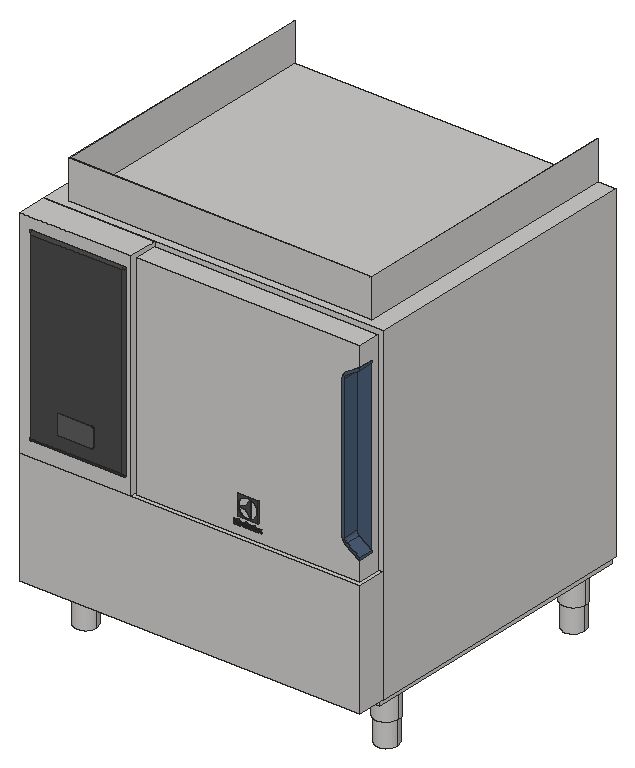
Revit family "QF_ELECTROLUXPROFESSIONAL_725584_EBFA61WHE", category Specialty Equipment, Revit 2023 (continued)
Automatic sketch dimensions
  Split face 52 sketch curve to Extrusion 6 = 33.814 mm
  Split face 52 sketch curve to Extrusion 6 = 377.596 mm
  Split face 52 sketch curve to Extrusion 6 = 28.787 mm
  Split face 52 sketch curve to Split face 52 sketch curve = 110.015 mm
  Split face 53 sketch curve to Extrusion 6 = 31.361 mm
  Split face 53 sketch curve to Extrusion 6 = 262.581 mm
  Split face 53 sketch curve to Extrusion 6 = 36.388 mm
  Split face 53 sketch curve to Split face 53 sketch curve = 110.015 mm
  Split face 54 sketch curve to Extrusion 6 = 40.833 mm
  Split face 54 sketch curve to Extrusion 6 = 262.581 mm
  Split face 54 sketch curve to Extrusion 6 = 45.86 mm
  Split face 54 sketch curve to Split face 54 sketch curve = 110.015 mm
  Split face 55 sketch curve to Extrusion 6 = 50.305 mm
  Split face 55 sketch curve to Extrusion 6 = 262.581 mm
  Split face 55 sketch curve to Split face 55 sketch curve = 110.015 mm
  Split face 55 sketch curve to Split face 55 sketch curve = 5.027 mm
  Split face 56 sketch curve to Extrusion 6 = 59.777 mm
  Split face 56 sketch curve to Extrusion 6 = 262.581 mm
  Split face 56 sketch curve to Split face 56 sketch curve = 110.015 mm
  Split face 56 sketch curve to Split face 56 sketch curve = 5.027 mm
  Split face 57 sketch curve to Extrusion 6 = 69.25 mm
  Split face 57 sketch curve to Extrusion 6 = 262.581 mm
  Split face 57 sketch curve to Split face 57 sketch curve = 110.015 mm
  Split face 57 sketch curve to Split face 57 sketch curve = 5.027 mm
  Split face 58 sketch curve to Extrusion 6 = 78.722 mm
  Split face 58 sketch curve to Extrusion 6 = 262.581 mm
  Split face 58 sketch curve to Split face 58 sketch curve = 110.015 mm
  Split face 58 sketch curve to Split face 58 sketch curve = 5.027 mm
  Split face 59 sketch curve to Extrusion 6 = 88.194 mm
  Split face 59 sketch curve to Extrusion 6 = 262.581 mm
  Split face 59 sketch curve to Split face 59 sketch curve = 110.015 mm
  Split face 59 sketch curve to Split face 59 sketch curve = 5.027 mm
  Split face 60 sketch curve to Extrusion 6 = 97.666 mm
  Split face 60 sketch curve to Extrusion 6 = 262.581 mm
  Split face 60 sketch curve to Split face 60 sketch curve = 110.015 mm
  Split face 60 sketch curve to Split face 60 sketch curve = 5.027 mm
  Split face 61 sketch curve to Extrusion 6 = 107.138 mm
  Split face 61 sketch curve to Extrusion 6 = 262.581 mm
  Split face 61 sketch curve to Split face 61 sketch curve = 110.015 mm
  Split face 61 sketch curve to Split face 61 sketch curve = 5.027 mm
  Split face 62 sketch curve to Extrusion 6 = 116.611 mm
  Split face 62 sketch curve to Extrusion 6 = 262.581 mm
  Split face 62 sketch curve to Split face 62 sketch curve = 110.015 mm
  Split face 62 sketch curve to Split face 62 sketch curve = 5.027 mm
  Split face 63 sketch curve to Extrusion 6 = 126.083 mm
  Split face 63 sketch curve to Extrusion 6 = 262.581 mm
  Split face 63 sketch curve to Split face 63 sketch curve = 110.015 mm
  Split face 63 sketch curve to Split face 63 sketch curve = 5.027 mm
  Split face 64 sketch curve to Extrusion 6 = 262.581 mm
  Split face 64 sketch curve to Split face 64 sketch curve = 110.015 mm
  Split face 64 sketch curve to Extrusion 6 = 135.555 mm
  Split face 64 sketch curve to Split face 64 sketch curve = 5.027 mm
  Split face 65 sketch curve to Extrusion 6 = 262.581 mm
  Split face 65 sketch curve to Split face 65 sketch curve = 110.015 mm
  Split face 65 sketch curve to Extrusion 6 = 145.027 mm
  Split face 65 sketch curve to Split face 65 sketch curve = 5.027 mm
  Split face 66 sketch curve to Extrusion 6 = 262.581 mm
  Split face 66 sketch curve to Split face 66 sketch curve = 110.015 mm
  Split face 66 sketch curve to Extrusion 6 = 147.48 mm
  Split face 66 sketch curve to Split face 66 sketch curve = 5.027 mm
  Split face 67 sketch curve to Extrusion 6 = 262.581 mm
  Split face 67 sketch curve to Split face 67 sketch curve = 110.015 mm
  Split face 67 sketch curve to Extrusion 6 = 138.008 mm
  Split face 67 sketch curve to Split face 67 sketch curve = 5.027 mm
  Split face 68 sketch curve to Extrusion 6 = 128.536 mm
  Split face 68 sketch curve to Extrusion 6 = 262.581 mm
  Split face 68 sketch curve to Split face 68 sketch curve = 110.015 mm
  Split face 68 sketch curve to Split face 68 sketch curve = 5.027 mm
  Split face 69 sketch curve to Extrusion 6 = 119.064 mm
  Split face 69 sketch curve to Extrusion 6 = 262.581 mm
  Split face 69 sketch curve to Split face 69 sketch curve = 110.015 mm
  Split face 69 sketch curve to Split face 69 sketch curve = 5.027 mm
  Split face 70 sketch curve to Extrusion 6 = 109.592 mm
  Split face 70 sketch curve to Extrusion 6 = 262.581 mm
  Split face 70 sketch curve to Split face 70 sketch curve = 110.015 mm
  Split face 70 sketch curve to Split face 70 sketch curve = 5.027 mm
  Split face 71 sketch curve to Extrusion 6 = 100.119 mm
  Split face 71 sketch curve to Extrusion 6 = 262.581 mm
  Split face 71 sketch curve to Split face 71 sketch curve = 110.015 mm
  Split face 71 sketch curve to Split face 71 sketch curve = 5.027 mm
  Split face 72 sketch curve to Extrusion 6 = 90.647 mm
  Split face 72 sketch curve to Extrusion 6 = 262.581 mm
  Split face 72 sketch curve to Split face 72 sketch curve = 110.015 mm
  Split face 72 sketch curve to Split face 72 sketch curve = 5.027 mm
  Split face 73 sketch curve to Extrusion 6 = 81.175 mm
  Split face 73 sketch curve to Extrusion 6 = 262.581 mm
  Split face 73 sketch curve to Split face 73 sketch curve = 110.015 mm
  Split face 73 sketch curve to Split face 73 sketch curve = 5.027 mm
  Split face 74 sketch curve to Extrusion 6 = 71.703 mm
  Split face 74 sketch curve to Extrusion 6 = 262.581 mm
  Split face 74 sketch curve to Split face 74 sketch curve = 110.015 mm
  Split face 74 sketch curve to Split face 74 sketch curve = 5.027 mm
  Split face 75 sketch curve to Extrusion 6 = 62.231 mm
  Split face 75 sketch curve to Extrusion 6 = 262.581 mm
  Split face 75 sketch curve to Split face 75 sketch curve = 110.015 mm
  Split face 75 sketch curve to Split face 75 sketch curve = 5.027 mm
  Split face 76 sketch curve to Extrusion 6 = 52.758 mm
  Split face 76 sketch curve to Extrusion 6 = 262.581 mm
  Split face 76 sketch curve to Extrusion 6 = 47.731 mm
  Split face 76 sketch curve to Split face 76 sketch curve = 110.015 mm
  Split face 77 sketch curve to Extrusion 6 = 43.286 mm
  Split face 77 sketch curve to Extrusion 6 = 262.581 mm
  Split face 77 sketch curve to Extrusion 6 = 38.259 mm
  Split face 77 sketch curve to Split face 77 sketch curve = 110.015 mm
  Split face 78 sketch curve to Extrusion 6 = 33.814 mm
  Split face 78 sketch curve to Extrusion 6 = 262.581 mm
  Split face 78 sketch curve to Extrusion 6 = 28.787 mm
  Split face 78 sketch curve to Split face 78 sketch curve = 110.015 mm
  Split face 79 sketch curve to Extrusion 6 = 31.361 mm
  Split face 79 sketch curve to Extrusion 6 = 147.565 mm
  Split face 79 sketch curve to Extrusion 6 = 36.388 mm
  Split face 79 sketch curve to Split face 79 sketch curve = 110.015 mm
  Split face 80 sketch curve to Extrusion 6 = 40.833 mm
  Split face 80 sketch curve to Extrusion 6 = 147.565 mm
  Split face 80 sketch curve to Extrusion 6 = 45.86 mm
  Split face 80 sketch curve to Split face 80 sketch curve = 110.015 mm
  Split face 81 sketch curve to Extrusion 6 = 50.305 mm
  Split face 81 sketch curve to Extrusion 6 = 147.565 mm
  Split face 81 sketch curve to Split face 81 sketch curve = 110.015 mm
  Split face 81 sketch curve to Split face 81 sketch curve = 5.027 mm
  Split face 82 sketch curve to Extrusion 6 = 59.777 mm
  Split face 82 sketch curve to Extrusion 6 = 147.565 mm
  Split face 82 sketch curve to Split face 82 sketch curve = 110.015 mm
  Split face 82 sketch curve to Split face 82 sketch curve = 5.027 mm
  Split face 83 sketch curve to Extrusion 6 = 69.25 mm
  Split face 83 sketch curve to Extrusion 6 = 147.565 mm
  Split face 83 sketch curve to Split face 83 sketch curve = 110.015 mm
  Split face 83 sketch curve to Split face 83 sketch curve = 5.027 mm
  Split face 84 sketch curve to Extrusion 6 = 147.565 mm
  Split face 84 sketch curve to Split face 84 sketch curve = 110.015 mm
  Split face 84 sketch curve to Extrusion 6 = 78.722 mm
  Split face 84 sketch curve to Split face 84 sketch curve = 5.027 mm
  Split face 85 sketch curve to Extrusion 6 = 147.565 mm
  Split face 85 sketch curve to Split face 85 sketch curve = 110.015 mm
  Split face 85 sketch curve to Extrusion 6 = 88.194 mm
  Split face 85 sketch curve to Split face 85 sketch curve = 5.027 mm
  Split face 86 sketch curve to Extrusion 6 = 147.565 mm
  Split face 86 sketch curve to Split face 86 sketch curve = 110.015 mm
  Split face 86 sketch curve to Extrusion 6 = 97.666 mm
  Split face 86 sketch curve to Split face 86 sketch curve = 5.027 mm
  Split face 87 sketch curve to Extrusion 6 = 147.565 mm
  Split face 87 sketch curve to Split face 87 sketch curve = 110.015 mm
  Split face 87 sketch curve to Extrusion 6 = 107.138 mm
  Split face 87 sketch curve to Split face 87 sketch curve = 5.027 mm
  Split face 88 sketch curve to Extrusion 6 = 147.565 mm
  Split face 88 sketch curve to Split face 88 sketch curve = 110.015 mm
  Split face 88 sketch curve to Extrusion 6 = 116.611 mm
  Split face 88 sketch curve to Split face 88 sketch curve = 5.027 mm
  Split face 89 sketch curve to Extrusion 6 = 147.565 mm
  Split face 89 sketch curve to Split face 89 sketch curve = 110.015 mm
  Split face 89 sketch curve to Extrusion 6 = 126.083 mm
  Split face 89 sketch curve to Split face 89 sketch curve = 5.027 mm
  Split face 90 sketch curve to Extrusion 6 = 147.565 mm
  Split face 90 sketch curve to Split face 90 sketch curve = 110.015 mm
  Split face 90 sketch curve to Extrusion 6 = 135.555 mm
  Split face 90 sketch curve to Split face 90 sketch curve = 5.027 mm
  Split face 91 sketch curve to Extrusion 6 = 147.565 mm
  Split face 91 sketch curve to Split face 91 sketch curve = 110.015 mm
  Split face 91 sketch curve to Extrusion 6 = 145.027 mm
  Split face 91 sketch curve to Split face 91 sketch curve = 5.027 mm
  Split face 92 sketch curve to Extrusion 6 = 147.565 mm
  Split face 92 sketch curve to Split face 92 sketch curve = 110.015 mm
  Split face 92 sketch curve to Extrusion 6 = 147.48 mm
  Split face 92 sketch curve to Split face 92 sketch curve = 5.027 mm
  Split face 93 sketch curve to Extrusion 6 = 147.565 mm
  Split face 93 sketch curve to Split face 93 sketch curve = 110.015 mm
  Split face 93 sketch curve to Extrusion 6 = 138.008 mm
  Split face 93 sketch curve to Split face 93 sketch curve = 5.027 mm
  Split face 94 sketch curve to Extrusion 6 = 147.565 mm
  Split face 94 sketch curve to Split face 94 sketch curve = 110.015 mm
  Split face 94 sketch curve to Extrusion 6 = 128.536 mm
  Split face 94 sketch curve to Split face 94 sketch curve = 5.027 mm
  Split face 95 sketch curve to Extrusion 6 = 147.565 mm
  Split face 95 sketch curve to Split face 95 sketch curve = 110.015 mm
  Split face 95 sketch curve to Extrusion 6 = 119.064 mm
  Split face 95 sketch curve to Split face 95 sketch curve = 5.027 mm
  Split face 96 sketch curve to Extrusion 6 = 147.565 mm
  Split face 96 sketch curve to Split face 96 sketch curve = 110.015 mm
  Split face 96 sketch curve to Extrusion 6 = 109.592 mm
  Split face 96 sketch curve to Split face 96 sketch curve = 5.027 mm
  Split face 97 sketch curve to Extrusion 6 = 147.565 mm
  Split face 97 sketch curve to Split face 97 sketch curve = 110.015 mm
  Split face 97 sketch curve to Extrusion 6 = 100.119 mm
  Split face 97 sketch curve to Split face 97 sketch curve = 5.027 mm
  Split face 98 sketch curve to Extrusion 6 = 147.565 mm
  Split face 98 sketch curve to Split face 98 sketch curve = 110.015 mm
  Split face 98 sketch curve to Extrusion 6 = 90.647 mm
  Split face 98 sketch curve to Split face 98 sketch curve = 5.027 mm
  Split face 99 sketch curve to Extrusion 6 = 147.565 mm
  Split face 99 sketch curve to Split face 99 sketch curve = 110.015 mm
  Split face 99 sketch curve to Extrusion 6 = 81.175 mm
  Split face 99 sketch curve to Split face 99 sketch curve = 5.027 mm
  Split face 100 sketch curve to Extrusion 6 = 71.703 mm
  Split face 100 sketch curve to Extrusion 6 = 147.565 mm
  Split face 100 sketch curve to Split face 100 sketch curve = 110.015 mm
  Split face 100 sketch curve to Split face 100 sketch curve = 5.027 mm
  Split face 101 sketch curve to Extrusion 6 = 62.231 mm
  Split face 101 sketch curve to Extrusion 6 = 147.565 mm
  Split face 101 sketch curve to Split face 101 sketch curve = 110.015 mm
  Split face 101 sketch curve to Split face 101 sketch curve = 5.027 mm
  Split face 102 sketch curve to Extrusion 6 = 52.758 mm
  Split face 102 sketch curve to Extrusion 6 = 147.565 mm
  Split face 102 sketch curve to Extrusion 6 = 47.731 mm
  Split face 102 sketch curve to Split face 102 sketch curve = 110.015 mm
  Split face 103 sketch curve to Extrusion 6 = 43.286 mm
  Split face 103 sketch curve to Extrusion 6 = 147.565 mm
  Split face 103 sketch curve to Extrusion 6 = 38.259 mm
  Split face 103 sketch curve to Split face 103 sketch curve = 110.015 mm
  Split face 104 sketch curve to Extrusion 6 = 33.814 mm
  Split face 104 sketch curve to Extrusion 6 = 147.565 mm
  Split face 104 sketch curve to Extrusion 6 = 28.787 mm
  Split face 104 sketch curve to Split face 104 sketch curve = 110.015 mm
  Split face 105 sketch curve to Extrusion 6 = 32.55 mm
  Split face 105 sketch curve to Extrusion 6 = 36.388 mm
  Split face 105 sketch curve to Split face 105 sketch curve = 110.015 mm
  Split face 105 sketch curve to Split face 105 sketch curve = 5.027 mm
  Split face 106 sketch curve to Extrusion 6 = 32.55 mm
  Split face 106 sketch curve to Extrusion 6 = 45.86 mm
  Split face 106 sketch curve to Split face 106 sketch curve = 110.015 mm
  Split face 106 sketch curve to Split face 106 sketch curve = 5.027 mm
  Split face 107 sketch curve to Extrusion 6 = 32.55 mm
  Split face 107 sketch curve to Split face 107 sketch curve = 110.015 mm
  Split face 107 sketch curve to Extrusion 6 = 50.305 mm
  Split face 107 sketch curve to Split face 107 sketch curve = 5.027 mm
  Split face 108 sketch curve to Extrusion 6 = 32.55 mm
  Split face 108 sketch curve to Split face 108 sketch curve = 110.015 mm
  Split face 108 sketch curve to Extrusion 6 = 59.777 mm
  Split face 108 sketch curve to Split face 108 sketch curve = 5.027 mm
  Split face 109 sketch curve to Extrusion 6 = 32.55 mm
  Split face 109 sketch curve to Split face 109 sketch curve = 110.015 mm
  Split face 109 sketch curve to Extrusion 6 = 69.25 mm
  Split face 109 sketch curve to Split face 109 sketch curve = 5.027 mm
  Split face 110 sketch curve to Extrusion 6 = 32.55 mm
  Split face 110 sketch curve to Split face 110 sketch curve = 110.015 mm
  Split face 110 sketch curve to Extrusion 6 = 78.722 mm
  Split face 110 sketch curve to Split face 110 sketch curve = 5.027 mm
  Split face 111 sketch curve to Extrusion 6 = 32.55 mm
  Split face 111 sketch curve to Split face 111 sketch curve = 110.015 mm
  Split face 111 sketch curve to Extrusion 6 = 88.194 mm
  Split face 111 sketch curve to Split face 111 sketch curve = 5.027 mm
  Split face 112 sketch curve to Extrusion 6 = 32.55 mm
  Split face 112 sketch curve to Split face 112 sketch curve = 110.015 mm
  Split face 112 sketch curve to Extrusion 6 = 97.666 mm
  Split face 112 sketch curve to Split face 112 sketch curve = 5.027 mm
  Split face 113 sketch curve to Extrusion 6 = 32.55 mm
  Split face 113 sketch curve to Split face 113 sketch curve = 110.015 mm
  Split face 113 sketch curve to Extrusion 6 = 107.138 mm
  Split face 113 sketch curve to Split face 113 sketch curve = 5.027 mm
  Split face 114 sketch curve to Extrusion 6 = 32.55 mm
  Split face 114 sketch curve to Split face 114 sketch curve = 110.015 mm
  Split face 114 sketch curve to Extrusion 6 = 116.611 mm
  Split face 114 sketch curve to Split face 114 sketch curve = 5.027 mm
  Split face 115 sketch curve to Extrusion 6 = 32.55 mm
  Split face 115 sketch curve to Split face 115 sketch curve = 110.015 mm
  Split face 115 sketch curve to Extrusion 6 = 126.083 mm
  Split face 115 sketch curve to Split face 115 sketch curve = 5.027 mm
  Split face 116 sketch curve to Extrusion 6 = 32.55 mm
  Split face 116 sketch curve to Split face 116 sketch curve = 110.015 mm
  Split face 116 sketch curve to Extrusion 6 = 135.555 mm
  Split face 116 sketch curve to Split face 116 sketch curve = 5.027 mm
  Split face 117 sketch curve to Extrusion 6 = 32.55 mm
  Split face 117 sketch curve to Split face 117 sketch curve = 110.015 mm
  Split face 117 sketch curve to Extrusion 6 = 145.027 mm
  Split face 117 sketch curve to Split face 117 sketch curve = 5.027 mm
  Split face 118 sketch curve to Extrusion 6 = 32.55 mm
  Split face 118 sketch curve to Split face 118 sketch curve = 110.015 mm
  Split face 118 sketch curve to Extrusion 6 = 147.48 mm
  Split face 118 sketch curve to Split face 118 sketch curve = 5.027 mm
  Split face 119 sketch curve to Extrusion 6 = 32.55 mm
  Split face 119 sketch curve to Split face 119 sketch curve = 110.015 mm
  Split face 119 sketch curve to Extrusion 6 = 138.008 mm
  Split face 119 sketch curve to Split face 119 sketch curve = 5.027 mm
  Split face 120 sketch curve to Extrusion 6 = 32.55 mm
  Split face 120 sketch curve to Split face 120 sketch curve = 110.015 mm
  Split face 120 sketch curve to Extrusion 6 = 128.536 mm
  Split face 120 sketch curve to Split face 120 sketch curve = 5.027 mm
  Split face 121 sketch curve to Extrusion 6 = 32.55 mm
  Split face 121 sketch curve to Split face 121 sketch curve = 110.015 mm
  Split face 121 sketch curve to Extrusion 6 = 119.064 mm
  Split face 121 sketch curve to Split face 121 sketch curve = 5.027 mm
  Split face 122 sketch curve to Extrusion 6 = 32.55 mm
  Split face 122 sketch curve to Split face 122 sketch curve = 110.015 mm
  Split face 122 sketch curve to Extrusion 6 = 109.592 mm
  Split face 122 sketch curve to Split face 122 sketch curve = 5.027 mm
  Split face 123 sketch curve to Extrusion 6 = 32.55 mm
  Split face 123 sketch curve to Split face 123 sketch curve = 110.015 mm
  Split face 123 sketch curve to Extrusion 6 = 100.119 mm
  Split face 123 sketch curve to Split face 123 sketch curve = 5.027 mm
  Split face 124 sketch curve to Extrusion 6 = 32.55 mm
  Split face 124 sketch curve to Split face 124 sketch curve = 110.015 mm
  Split face 124 sketch curve to Extrusion 6 = 90.647 mm
  Split face 124 sketch curve to Split face 124 sketch curve = 5.027 mm
  Split face 125 sketch curve to Extrusion 6 = 32.55 mm
  Split face 125 sketch curve to Split face 125 sketch curve = 110.015 mm
  Split face 125 sketch curve to Extrusion 6 = 81.175 mm
  Split face 125 sketch curve to Split face 125 sketch curve = 5.027 mm
  Split face 126 sketch curve to Extrusion 6 = 32.55 mm
  Split face 126 sketch curve to Split face 126 sketch curve = 110.015 mm
  Split face 126 sketch curve to Extrusion 6 = 71.703 mm
  Split face 126 sketch curve to Split face 126 sketch curve = 5.027 mm
  Split face 127 sketch curve to Extrusion 6 = 32.55 mm
  Split face 127 sketch curve to Split face 127 sketch curve = 110.015 mm
  Split face 127 sketch curve to Extrusion 6 = 62.231 mm
  Split face 127 sketch curve to Split face 127 sketch curve = 5.027 mm
  Split face 128 sketch curve to Extrusion 6 = 32.55 mm
  Split face 128 sketch curve to Extrusion 6 = 47.731 mm
  Split face 128 sketch curve to Split face 128 sketch curve = 110.015 mm
  Split face 128 sketch curve to Split face 128 sketch curve = 5.027 mm
  Split face 129 sketch curve to Extrusion 6 = 32.55 mm
  Split face 129 sketch curve to Extrusion 6 = 38.259 mm
  Split face 129 sketch curve to Split face 129 sketch curve = 110.015 mm
  Split face 129 sketch curve to Split face 129 sketch curve = 5.027 mm
  Split face 130 sketch curve to Extrusion 6 = 32.55 mm
  Split face 130 sketch curve to Extrusion 6 = 28.787 mm
  Split face 130 sketch curve to Split face 130 sketch curve = 110.015 mm
  Split face 130 sketch curve to Split face 130 sketch curve = 5.027 mm
  Extrusion 9 sketch curve to plane 5 "BACK" = 0 mm  (x2)
  Extrusion 9 sketch curve to plane 14 = 0 mm  (x2)
  Extrusion 9 sketch curve to plane 3 "Center Y" = 141.58 mm
  Extrusion 9 sketch curve to Extrusion 9 sketch curve = 1.631 mm  (x2)
  Extrusion 9 sketch curve to Extrusion 9 sketch curve = 9.723 mm
  plane 9 to Extrusion 9 sketch curve = 80.967 mm
  plane 9 to Extrusion 9 sketch curve = 72.875 mm
  Extrusion 10 sketch curve to plane 5 "BACK" = 0 mm  (x2)
  Extrusion 10 sketch curve to plane 9 = 3 mm
  Extrusion 10 sketch curve to plane 9 = 1 mm
  plane 11 to Extrusion 10 sketch curve = 1 mm
  Extrusion 10 sketch curve to Extrusion 10 sketch curve = 2 mm  (x2)
  Extrusion 10 sketch curve to plane 12 = 49 mm
  Extrusion 11 sketch curve to plane 13 "TOP" = 0.005 mm
  Extrusion 11 sketch curve to plane 3 "Center Y" = 139.7 mm
  plane 11 to Extrusion 11 sketch curve = 6.255 mm
  plane 11 to Extrusion 11 sketch curve = 14.741 mm
  plane 11 to Extrusion 11 sketch curve = 15.205 mm
  Extrusion 11 sketch curve to Extrusion 11 sketch curve = 10.513 mm
  Extrusion 11 sketch curve to Extrusion 11 sketch curve = 20 mm
  Extrusion 11 sketch curve to plane 6 "RIGHT" = 1.005 mm  (x2)
  Extrusion 11 sketch curve to Extrusion 11 sketch curve = 51.135 mm
  Extrusion 11 sketch curve to Extrusion 11 sketch curve = 24.082 mm
  Extrusion 11 sketch curve to Extrusion 11 sketch curve = 374.913 mm
  Extrusion 11 sketch curve to Extrusion 11 sketch curve = 23.723 mm
  plane 8 to Extrusion 11 sketch curve = 332.497 mm
  Extrusion 12 sketch curve to Extrusion 11 = 0 mm  (x8)
  Extrusion 11 to Extrusion 12 sketch curve = 8.487 mm
  Extrusion 11 to Extrusion 12 sketch curve = 8.95 mm
  Extrusion 12 sketch curve to Extrusion 12 sketch curve = 20 mm
  Extrusion 13 sketch curve to Extrusion 13 sketch curve = 0 mm  (x2)
  Extrusion 13 sketch curve to Extrusion 11 = 0 mm  (x5)
  Extrusion 11 to Extrusion 13 sketch curve = 2.5 mm
  Extrusion 13 sketch curve to Extrusion 13 sketch curve = 2.5 mm
  Extrusion 13 sketch curve to Extrusion 13 sketch curve = 13.5 mm
  Extrusion 11 to Extrusion 13 sketch curve = 12.541 mm
  Extrusion 13 sketch curve to Extrusion 13 sketch curve = 5.583 mm
  Extrusion 13 sketch curve to Extrusion 13 sketch curve = 3.591 mm
  Extrusion 13 sketch curve to Extrusion 13 sketch curve = 3.597 mm
  Extrusion 13 sketch curve to Extrusion 13 sketch curve = 6.143 mm
  Extrusion 13 sketch curve to Extrusion 13 sketch curve = 6.141 mm
  Extrusion 14 sketch curve to plane 7 "FRONT" = 0 mm
  plane 15 to Extrusion 14 sketch curve = 47.24 mm
  Extrusion 14 sketch curve to Extrusion 14 sketch curve = 8.487 mm
  Extrusion 14 sketch curve to Extrusion 14 sketch curve = 8.95 mm
  Extrusion 14 sketch curve to Extrusion 14 sketch curve = 19 mm
  Extrusion 14 sketch curve to Extrusion 14 sketch curve = 20 mm
  plane 15 to Extrusion 14 sketch curve = 2.5 mm  (x2)
  Extrusion 14 sketch curve to plane 13 "TOP" = 0.005 mm
  Extrusion 14 sketch curve to Extrusion 14 sketch curve = 51.135 mm
  Extrusion 14 sketch curve to Extrusion 14 sketch curve = 24.082 mm
  Extrusion 14 sketch curve to Extrusion 14 sketch curve = 374.913 mm
  Extrusion 14 sketch curve to Extrusion 14 sketch curve = 23.723 mm
  plane 8 to Extrusion 14 sketch curve = 332.497 mm
  Extrusion 15 sketch curve to Extrusion 14 = 0 mm  (x8)
  Extrusion 14 to Extrusion 15 sketch curve = 8.487 mm
  Extrusion 14 to Extrusion 15 sketch curve = 8.95 mm
  Extrusion 15 sketch curve to Extrusion 15 sketch curve = 11.05 mm
  Extrusion 16 sketch curve to Extrusion 16 sketch curve = 0 mm  (x2)
  Extrusion 16 sketch curve to Extrusion 14 = 0 mm  (x4)
  Extrusion 14 to Extrusion 16 sketch curve = 0 mm
  Extrusion 14 to Extrusion 16 sketch curve = 2.5 mm  (x2)
  Extrusion 16 sketch curve to Extrusion 16 sketch curve = 13.5 mm
  Extrusion 14 to Extrusion 16 sketch curve = 12.541 mm
  Extrusion 16 sketch curve to Extrusion 16 sketch curve = 5.583 mm
  Extrusion 16 sketch curve to Extrusion 16 sketch curve = 3.591 mm
  Extrusion 16 sketch curve to Extrusion 16 sketch curve = 3.597 mm
  Extrusion 16 sketch curve to Extrusion 16 sketch curve = 6.143 mm
  Extrusion 16 sketch curve to Extrusion 16 sketch curve = 6.141 mm
  Extrusion 17 sketch curve to plane 7 "FRONT" = 0 mm
  plane 7 "FRONT" to Extrusion 17 sketch curve = 16.966 mm
  Extrusion 17 sketch curve to plane 3 "Center Y" = 119.677 mm
  Extrusion 17 sketch curve to Extrusion 17 sketch curve = 32.971 mm
  Extrusion 17 sketch curve to plane 6 "RIGHT" = 1.005 mm
  radius of Extrusion 4 sketch curve = 10.5 mm
  radius of Extrusion 8 sketch curve = 9.5 mm
  radius of Extrusion 12 sketch curve to Extrusion 11 = 0 mm
  radius of Extrusion 13 sketch curve to Extrusion 11 = 0 mm
  radius of Extrusion 13 sketch curve to Extrusion 11 = 6.5 mm
  radius of Extrusion 15 sketch curve to Extrusion 14 = 0 mm
  radius of Extrusion 16 sketch curve to Extrusion 14 = 0 mm
  radius of Extrusion 16 sketch curve to Extrusion 14 = 6.5 mm
Nested families
  nested 1: "Foot_Complete" at (-708, -142.149, 0), type "Foot_Complete"
    with H 130 mm
  nested 2: "Foot_Complete" at (85, -142.149, 0), type "Foot_Complete"
    with H 130 mm
  nested 3: "Foot_Complete" at (85, 473.851, 0), type "Foot_Complete"
    with H 130 mm
  nested 4: "Foot_Complete" at (-708, 473.851, 0), type "Foot_Complete"
    with H 130 mm
  nested 5: "ELX_Logo_S_New" at (-157.603, -295.149, 492.497) x (1, 0, 0) z (0, -1, 0), visible <- "Show Logo", type "ELX_Logo_S_New"
    with M QF_Finishes_Black
  nested 6: "ELX_Logo_Symbol" at (-157.603, -295.149, 532.497) x (-1, 0, 0) z (0, -1, 0), visible <- "Show Logo", type "ELX_Logo_Symbol"
    with M QF_Finishes_Black
  nested 7: "ELX_Touch" at (-606.5, -295.149, 741.265) x (1, 0, 0) z (0, -1, 0), type "ELX_Touch"
Connectors
  electrical at (-696, 577.851, 258), driven by "Volts"
    settings: on Extrusion 4, index 5, voltage 380 V, apparent load 0 VA, apparent load phase1 0 VA, apparent load phase2 0 VA, apparent load phase3 0 VA, power factor 1, load classification "Altro", number of poles 1, system type 30, power factor state 1, is connector primary yes, connector utility no, sub classification motor no, connector description "Electrical Connection"
  piping at (-360, 215.851, 98.32), diameter 19
    settings: on cut or joined group of Extrusion 1, Extrusion 2, Extrusion 3, Extrusion 4, Extrusion 7, Extrusion 8, Extrusion 9, index 6, connector inside diameter 609.6 mm, connector length 0 mm, flow factor 0, pipe flow 0.0 L/s, pressure drop 0.0 Pa, fitting loss kfactor 0, connector angle 0.00°, fixture units 0, engagement length 0 mm, angle of deflection 0.00°, flow configuration 1, flow direction 2, fitting loss method 0, system type 16, joint type 0, gender type 0, connector reference index -1, connector utility 0, adjustable connector no, is connector primary yes, connector description "Drain"
Definition of nested family "Foot_Complete"
  Parameters
    R = 32 mm
    H = 150 mm
    Default Elevation = 0 mm
  Reference planes
    plane 1 "Centro (Fronte/Retro)": y = 0
    plane 2: z = 0
    plane 3 "Centro (Sinistra/Destra)": x = 0
    plane 4: z = 150
  Forms (mm)
    Revolve 1, solid
      sketch origin (255.05, 0, 608.09) x (0, 0, 1) y (-1, 0, 0)
        loop
          line (-608.09, 255.05) -> (-608.09, 226.55) -> (-544.09, 226.55) -> (-544.09, 223.05) -> (-458.09, 223.05) -> (-458.09, 255.05) -> (-608.09, 255.05)
        axis (-608.09, 255.05) -> (-458.09, 255.05)
      angle from 0 to 360
  Dimensions and locks
    locked: level to Revolve 1 sketch curve at 64
    "R": Revolve 1 sketch curve to plane 3 "Centro (Sinistra/Destra)"
    "H": plane 4 to level
    aligned and locked: level to plane 2
    aligned and locked: plane 4 to Revolve 1 sketch curve
    aligned and locked: Revolve 1 sketch curve to level
    aligned and locked: plane 3 "Centro (Sinistra/Destra)" to Revolve 1 sketch curve
  Automatic sketch dimensions
    Revolve 1 sketch curve to plane 3 "Centro (Sinistra/Destra)" = 0 mm
    plane 3 "Centro (Sinistra/Destra)" to Revolve 1 sketch curve = 28.5 mm
    Revolve 1 sketch curve to Revolve 1 sketch curve = 50 mm
    Revolve 1 sketch curve to Revolve 1 sketch curve = 20 mm
Definition of nested family "ELX_Logo_S_New"
  Parameters
    Default Elevation = 0 mm
    M [instance] = none
  Reference planes
    plane 1 "Centro (Fronte/Retro)": y = 0
    plane 2: z = 0
    plane 3 "Centro (Sinistra/Destra)": x = 0
  Forms (mm)
    Extrusion 1, solid
      sketch origin (0, 0, 0) x (1, 0, 0) y (0, 1, 0)
        loop
          line (-1219.2, 1219.2) -> (-1219.2, -1219.2) -> (1219.2, -1219.2) -> (1219.2, 1219.2) -> (-1219.2, 1219.2)
      from 0 to -304.8
    Extrusion 2, solid, material <- "M"
      sketch origin (0, 0, 0) x (1, 0, 0) y (0, 1, 0)
        loop
          spline (-32.537, -4.135) -> (-32.702, -4.128) -> (-32.877, -4.105) -> (-33.059, -4.064) -> (-33.242, -4.002) -> (-33.422, -3.916) -> (-33.593, -3.803) -> (-33.751, -3.66) -> (-33.891, -3.486) -> (-34.008, -3.276) -> (-34.098, -3.029) -> (-34.155, -2.741) -> (-34.176, -2.41)
          line (-34.176, -2.41) -> (-34.176, -0.943) -> (-29.331, -0.943) -> (-29.331, 0.928) -> (-34.176, 0.928) -> (-34.176, 3.652) -> (-29.023, 3.652) -> (-29.023, 5.518) -> (-36.159, 5.518) -> (-36.159, -2.326)
          spline (-36.159, -2.326) -> (-36.142, -2.808) -> (-36.088, -3.263) -> (-35.996, -3.688) -> (-35.867, -4.083) -> (-35.698, -4.445) -> (-35.489, -4.773) -> (-35.239, -5.066) -> (-34.946, -5.322) -> (-34.61, -5.539) -> (-34.23, -5.716) -> (-33.804, -5.851) -> (-33.332, -5.943)
          line (-33.332, -5.943) -> (-32.554, -5.999) -> (-28.885, -5.999) -> (-28.885, -4.135) -> (-32.537, -4.135)
        loop
          line (-27.476, 0.076) -> (-27.476, -6.002) -> (-25.492, -6.002) -> (-25.492, 5.521) -> (-27.476, 5.521) -> (-27.476, 0.076)
        loop
          spline (-15.702, -2.321) -> (-15.689, -1.697) -> (-15.749, -1.094) -> (-15.879, -0.516) -> (-16.078, 0.029) -> (-16.341, 0.538) -> (-16.668, 1.004) -> (-17.055, 1.422) -> (-17.5, 1.786) -> (-17.999, 2.091) -> (-18.552, 2.331) -> (-19.154, 2.5) -> (-19.804, 2.594)
          spline (-19.804, 2.594) -> (-20.422, 2.558) -> (-21.009, 2.453) -> (-21.56, 2.28) -> (-22.072, 2.042) -> (-22.54, 1.743) -> (-22.96, 1.385) -> (-23.327, 0.97) -> (-23.638, 0.502) -> (-23.887, -0.018) -> (-24.07, -0.586) -> (-24.183, -1.2) -> (-24.222, -1.857)
          spline (-24.222, -1.857) -> (-24.184, -2.498) -> (-24.074, -3.097) -> (-23.895, -3.652) -> (-23.651, -4.16) -> (-23.344, -4.618) -> (-22.979, -5.023) -> (-22.559, -5.374) -> (-22.087, -5.667) -> (-21.567, -5.899) -> (-21.003, -6.068) -> (-20.397, -6.172) -> (-19.754, -6.207)
          spline (-19.754, -6.207) -> (-19.44, -6.2) -> (-19.13, -6.176) -> (-18.823, -6.135) -> (-18.52, -6.074) -> (-18.221, -5.993) -> (-17.925, -5.89) -> (-17.634, -5.762) -> (-17.346, -5.609) -> (-17.062, -5.43) -> (-16.782, -5.221) -> (-16.506, -4.983) -> (-16.234, -4.713)
          line (-16.234, -4.713) -> (-17.429, -3.55)
          spline (-17.429, -3.55) -> (-17.587, -3.702) -> (-17.745, -3.841) -> (-17.906, -3.967) -> (-18.07, -4.08) -> (-18.239, -4.181) -> (-18.415, -4.268) -> (-18.599, -4.343) -> (-18.792, -4.404) -> (-18.996, -4.452) -> (-19.213, -4.486) -> (-19.443, -4.506) -> (-19.688, -4.513)
          spline (-19.688, -4.513) -> (-20.047, -4.496) -> (-20.383, -4.443) -> (-20.696, -4.358) -> (-20.984, -4.24) -> (-21.246, -4.092) -> (-21.479, -3.915) -> (-21.683, -3.711) -> (-21.856, -3.48) -> (-21.997, -3.224) -> (-22.104, -2.945) -> (-22.176, -2.643) -> (-22.212, -2.321)
          line (-22.212, -2.321) -> (-15.702, -2.321)
        loop
          spline (-17.695, -0.926) -> (-17.714, -0.681) -> (-17.771, -0.445) -> (-17.861, -0.221) -> (-17.984, -0.01) -> (-18.135, 0.184) -> (-18.314, 0.36) -> (-18.516, 0.516) -> (-18.741, 0.648) -> (-18.984, 0.755) -> (-19.244, 0.834) -> (-19.518, 0.883) -> (-19.804, 0.9)
          spline (-19.804, 0.9) -> (-20.11, 0.884) -> (-20.405, 0.835) -> (-20.686, 0.757) -> (-20.95, 0.652) -> (-21.195, 0.521) -> (-21.419, 0.367) -> (-21.618, 0.192) -> (-21.79, -0.003) -> (-21.934, -0.214) -> (-22.045, -0.439) -> (-22.122, -0.678) -> (-22.162, -0.926)
          line (-22.162, -0.926) -> (-17.695, -0.926)
        loop
          spline (-12.669, -1.807) -> (-12.646, -1.438) -> (-12.58, -1.088) -> (-12.472, -0.759) -> (-12.326, -0.455) -> (-12.145, -0.177) -> (-11.93, 0.072) -> (-11.685, 0.289) -> (-11.412, 0.473) -> (-11.114, 0.62) -> (-10.793, 0.728) -> (-10.453, 0.794) -> (-10.095, 0.817)
          spline (-10.095, 0.817) -> (-9.876, 0.81) -> (-9.665, 0.79) -> (-9.464, 0.756) -> (-9.271, 0.709) -> (-9.086, 0.65) -> (-8.908, 0.578) -> (-8.737, 0.495) -> (-8.572, 0.399) -> (-8.414, 0.292) -> (-8.261, 0.173) -> (-8.113, 0.044) -> (-7.969, -0.096)
          line (-7.969, -0.096) -> (-6.741, 1.183)
          spline (-6.741, 1.183) -> (-6.985, 1.427) -> (-7.237, 1.647) -> (-7.496, 1.843) -> (-7.762, 2.015) -> (-8.034, 2.164) -> (-8.312, 2.291) -> (-8.596, 2.397) -> (-8.886, 2.482) -> (-9.181, 2.546) -> (-9.481, 2.592) -> (-9.786, 2.619) -> (-10.095, 2.627)
          spline (-10.095, 2.627) -> (-10.715, 2.589) -> (-11.308, 2.476) -> (-11.871, 2.294) -> (-12.396, 2.046) -> (-12.88, 1.736) -> (-13.316, 1.369) -> (-13.7, 0.949) -> (-14.026, 0.48) -> (-14.289, -0.035) -> (-14.483, -0.59) -> (-14.604, -1.182) -> (-14.645, -1.807)
          spline (-14.645, -1.807) -> (-14.604, -2.431) -> (-14.483, -3.023) -> (-14.289, -3.578) -> (-14.026, -4.093) -> (-13.7, -4.562) -> (-13.316, -4.983) -> (-12.88, -5.35) -> (-12.396, -5.659) -> (-11.871, -5.907) -> (-11.308, -6.09) -> (-10.715, -6.202) -> (-10.095, -6.24)
          spline (-10.095, -6.24) -> (-9.786, -6.232) -> (-9.481, -6.205) -> (-9.181, -6.16) -> (-8.886, -6.095) -> (-8.596, -6.01) -> (-8.312, -5.904) -> (-8.034, -5.777) -> (-7.762, -5.628) -> (-7.496, -5.456) -> (-7.237, -5.26) -> (-6.985, -5.04) -> (-6.741, -4.796)
          line (-6.741, -4.796) -> (-7.969, -3.517)
          spline (-7.969, -3.517) -> (-8.113, -3.657) -> (-8.261, -3.786) -> (-8.414, -3.905) -> (-8.572, -4.012) -> (-8.737, -4.108) -> (-8.908, -4.192) -> (-9.086, -4.263) -> (-9.271, -4.323) -> (-9.464, -4.369) -> (-9.665, -4.403) -> (-9.876, -4.423) -> (-10.095, -4.43)
          spline (-10.095, -4.43) -> (-10.453, -4.408) -> (-10.793, -4.341) -> (-11.114, -4.233) -> (-11.412, -4.086) -> (-11.685, -3.902) -> (-11.93, -3.685) -> (-12.145, -3.436) -> (-12.326, -3.158) -> (-12.472, -2.854) -> (-12.58, -2.526) -> (-12.646, -2.176) -> (-12.669, -1.807)
        loop
          spline (-1.683, -4.138) -> (-1.858, -4.14) -> (-2.045, -4.127) -> (-2.24, -4.095) -> (-2.438, -4.04) -> (-2.633, -3.959) -> (-2.822, -3.85) -> (-2.998, -3.709) -> (-3.157, -3.533) -> (-3.294, -3.318) -> (-3.404, -3.061) -> (-3.483, -2.76) -> (-3.524, -2.411)
          line (-3.524, -2.411) -> (-3.524, 0.529) -> (-1.72, 0.529) -> (-1.72, 2.331) -> (-3.522, 2.331) -> (-3.522, 5.521) -> (-5.506, 5.521) -> (-5.506, -2.523)
          spline (-5.506, -2.523) -> (-5.463, -2.99) -> (-5.386, -3.429) -> (-5.274, -3.839) -> (-5.126, -4.218) -> (-4.941, -4.564) -> (-4.717, -4.877) -> (-4.455, -5.155) -> (-4.153, -5.396) -> (-3.81, -5.599) -> (-3.425, -5.762) -> (-2.998, -5.884) -> (-2.528, -5.964)
          line (-2.528, -5.964) -> (-1.69, -6.002) -> (-1.683, -4.138)
        loop
          spline (4.991, 2.446) -> (4.648, 2.468) -> (4.318, 2.461) -> (4.001, 2.429) -> (3.699, 2.371) -> (3.413, 2.288) -> (3.142, 2.182) -> (2.89, 2.052) -> (2.655, 1.901) -> (2.439, 1.728) -> (2.244, 1.535) -> (2.069, 1.322) -> (1.917, 1.091)
          line (1.917, 1.091) -> (1.917, 2.33) -> (-0.051, 2.33) -> (-0.051, -6.002) -> (1.917, -6.002) -> (1.917, -1.621)
          spline (1.917, -1.621) -> (1.935, -1.288) -> (1.988, -0.979) -> (2.075, -0.693) -> (2.195, -0.432) -> (2.345, -0.197) -> (2.526, 0.01) -> (2.736, 0.189) -> (2.972, 0.338) -> (3.235, 0.456) -> (3.522, 0.541) -> (3.832, 0.594) -> (4.165, 0.611)
          line (4.165, 0.611) -> (4.991, 0.529) -> (4.991, 2.446)
        loop
          spline (14.388, -1.836) -> (14.347, -1.224) -> (14.226, -0.642) -> (14.031, -0.093) -> (13.768, 0.418) -> (13.441, 0.887) -> (13.057, 1.308) -> (12.621, 1.677) -> (12.137, 1.989) -> (11.612, 2.24) -> (11.051, 2.425) -> (10.459, 2.539) -> (9.842, 2.578)
          spline (9.842, 2.578) -> (9.221, 2.539) -> (8.627, 2.425) -> (8.064, 2.24) -> (7.539, 1.989) -> (7.056, 1.677) -> (6.62, 1.308) -> (6.237, 0.887) -> (5.912, 0.418) -> (5.65, -0.093) -> (5.456, -0.642) -> (5.336, -1.224) -> (5.295, -1.836)
          spline (5.295, -1.836) -> (5.336, -2.447) -> (5.456, -3.029) -> (5.65, -3.578) -> (5.912, -4.089) -> (6.237, -4.558) -> (6.62, -4.979) -> (7.056, -5.348) -> (7.539, -5.66) -> (8.064, -5.911) -> (8.627, -6.096) -> (9.221, -6.211) -> (9.842, -6.25)
          spline (9.842, -6.25) -> (10.459, -6.211) -> (11.051, -6.096) -> (11.612, -5.911) -> (12.137, -5.66) -> (12.621, -5.348) -> (13.057, -4.979) -> (13.441, -4.558) -> (13.768, -4.089) -> (14.031, -3.578) -> (14.226, -3.029) -> (14.347, -2.447) -> (14.388, -1.836)
        loop
          spline (12.42, -1.836) -> (12.397, -1.475) -> (12.33, -1.131) -> (12.222, -0.807) -> (12.075, -0.504) -> (11.893, -0.227) -> (11.677, 0.022) -> (11.431, 0.241) -> (11.157, 0.426) -> (10.859, 0.575) -> (10.538, 0.685) -> (10.198, 0.753) -> (9.842, 0.777)
          spline (9.842, 0.777) -> (9.482, 0.753) -> (9.14, 0.685) -> (8.818, 0.575) -> (8.519, 0.426) -> (8.246, 0.241) -> (8.001, 0.022) -> (7.786, -0.227) -> (7.605, -0.504) -> (7.459, -0.807) -> (7.352, -1.131) -> (7.286, -1.475) -> (7.263, -1.836)
          spline (7.263, -1.836) -> (7.286, -2.196) -> (7.352, -2.54) -> (7.459, -2.865) -> (7.605, -3.167) -> (7.786, -3.444) -> (8.001, -3.694) -> (8.246, -3.912) -> (8.519, -4.098) -> (8.818, -4.247) -> (9.14, -4.357) -> (9.482, -4.425) -> (9.842, -4.448)
          spline (9.842, -4.448) -> (10.198, -4.425) -> (10.538, -4.357) -> (10.859, -4.247) -> (11.157, -4.098) -> (11.431, -3.912) -> (11.677, -3.694) -> (11.893, -3.444) -> (12.075, -3.167) -> (12.222, -2.865) -> (12.33, -2.54) -> (12.397, -2.196) -> (12.42, -1.836)
        loop
          line (15.608, 0.275) -> (15.608, -6.002) -> (17.593, -6.002) -> (17.593, 5.521) -> (15.608, 5.521) -> (15.608, 0.275)
        loop
          line (24.747, 2.33) -> (24.747, -2.513)
          spline (24.747, -2.513) -> (24.731, -2.828) -> (24.685, -3.112) -> (24.61, -3.366) -> (24.507, -3.59) -> (24.38, -3.785) -> (24.229, -3.952) -> (24.056, -4.091) -> (23.863, -4.203) -> (23.652, -4.29) -> (23.425, -4.35) -> (23.183, -4.386) -> (22.928, -4.398)
          spline (22.928, -4.398) -> (22.674, -4.386) -> (22.432, -4.35) -> (22.205, -4.29) -> (21.994, -4.204) -> (21.802, -4.092) -> (21.629, -3.954) -> (21.478, -3.788) -> (21.35, -3.595) -> (21.248, -3.373) -> (21.173, -3.122) -> (21.126, -2.841) -> (21.11, -2.53)
          line (21.11, -2.53) -> (21.11, 2.33) -> (19.11, 2.33) -> (19.11, -2.696)
          spline (19.11, -2.696) -> (19.145, -3.265) -> (19.248, -3.783) -> (19.413, -4.25) -> (19.636, -4.667) -> (19.912, -5.033) -> (20.236, -5.349) -> (20.603, -5.616) -> (21.008, -5.833) -> (21.446, -6.001) -> (21.913, -6.121) -> (22.403, -6.193) -> (22.912, -6.217)
          spline (22.912, -6.217) -> (23.425, -6.193) -> (23.92, -6.12) -> (24.39, -5.998) -> (24.832, -5.828) -> (25.241, -5.607) -> (25.611, -5.337) -> (25.937, -5.016) -> (26.216, -4.645) -> (26.441, -4.222) -> (26.608, -3.749) -> (26.711, -3.223) -> (26.747, -2.646)
          line (26.747, -2.646) -> (26.747, 2.33) -> (24.747, 2.33)
        loop
          line (34.253, -3.337) -> (33.002, -1.588) -> (34.551, 0.523) -> (35.878, 2.33) -> (33.713, 2.33) -> (31.91, -0.166) -> (30.092, 2.33) -> (27.943, 2.33) -> (29.175, 0.645) -> (30.82, -1.604) -> (29.096, -4.004) -> (27.662, -6.002) -> (29.794, -6.002) -> (31.91, -3.059) -> (34.027, -6.002) -> (36.159, -6.002) -> (34.253, -3.337)
      from 0 to 1.644
  Dimensions and locks
    aligned and locked: plane 2 to Extrusion 1
    aligned and locked: level to Extrusion 1
Definition of nested family "ELX_Logo_Symbol"
  Parameters
    Default Elevation = 0 mm
    M [instance] = none
  Reference planes
    plane 1 "Centro (Fronte/Retro)": y = 0
    plane 2: z = 0
    plane 3 "Centro (Sinistra/Destra)": x = 0
  Forms (mm)
    Extrusion 1, solid
      sketch origin (0, 0, 0) x (1, 0, 0) y (0, 1, 0)
        loop
          line (-1219.2, 1219.2) -> (-1219.2, -1219.2) -> (1219.2, -1219.2) -> (1219.2, 1219.2) -> (-1219.2, 1219.2)
      from 0 to -304.8
    Extrusion 2, solid, material <- "M"
      sketch origin (94.462, 558.781, 0) x (1, 0, 0) y (0, 1, 0)
        loop
          line (-101.645, -583.129) -> (-101.645, -534.543)
          arc (-101.645, -534.543) -> (-119.606, -558.836) -> (-101.645, -583.129) r 25.41
        loop
          arc (-99.174, -583.129) -> (-78.968, -578.537) -> (-69.233, -560.244) r 24.902
          line (-69.233, -560.244) -> (-77.271, -560.244)
          arc (-77.271, -560.244) -> (-91.631, -566.073) -> (-99.174, -579.611) r 23.341
          line (-99.174, -579.611) -> (-99.174, -583.129)
        loop
          arc (-99.174, -538.061) -> (-91.631, -551.599) -> (-77.271, -557.427) r 23.341
          line (-77.271, -557.427) -> (-69.233, -557.427)
          arc (-69.233, -557.427) -> (-78.952, -538.984) -> (-99.174, -533.918) r 25.553
          line (-99.174, -533.918) -> (-99.174, -538.061)
        loop
          line (-67.388, -585.781) -> (-67.388, -531.781) -> (-121.462, -531.781) -> (-121.462, -585.781) -> (-67.388, -585.781)
      from 0 to 1.644
  Dimensions and locks
    aligned and locked: plane 2 to Extrusion 1
    aligned and locked: level to Extrusion 1
Definition of nested family "ELX_Touch"
  Parameters
    Default Elevation = 1219.2 mm
  Reference planes
    plane 1 "Centro (Fronte/Retro)": y = 0
    plane 2: z = 0
    plane 3 "Centro (Sinistra/Destra)": x = 0
  Forms (mm)
    Extrusion 1, solid
      sketch origin (0, 0, 0) x (1, 0, 0) y (0, 1, 0)
        loop
          line (-1219.2, 1219.2) -> (-1219.2, -1219.2) -> (1219.2, -1219.2) -> (1219.2, 1219.2) -> (-1219.2, 1219.2)
      from 0 to -304.8
    Extrusion 2, solid
      sketch origin (0, 0, 5) x (1, 0, 0) y (0, 1, 0)
        loop
          line (-47, -160) -> (-47, -202)
          arc (-47, -202) -> (-45.536, -205.535) -> (-42, -207) r 5
          line (-42, -207) -> (42, -207)
          arc (42, -207) -> (45.536, -205.535) -> (47, -202) r 5
          line (47, -202) -> (47, -160)
          arc (47, -160) -> (45.536, -156.465) -> (42, -155) r 5
          line (42, -155) -> (-42, -155)
          arc (-42, -155) -> (-45.536, -156.465) -> (-47, -160) r 5
      from 0 to 2
    Blend 3, solid
      base sketch origin (0, 0, 0) x (1, 0, 0) y (0, 1, 0)
        loop
          line (-127, 244) -> (-127, -244)
          arc (-127, -244) -> (-125.536, -247.536) -> (-122, -249) r 5
          line (-122, -249) -> (122, -249)
          arc (122, -249) -> (125.536, -247.536) -> (127, -244) r 5
          line (127, -244) -> (127, 244)
          arc (127, 244) -> (125.536, 247.536) -> (122, 249) r 5
          line (122, 249) -> (-122, 249)
          arc (-122, 249) -> (-125.536, 247.536) -> (-127, 244) r 5
      top sketch origin (0, 0, 0) x (1, 0, 0) y (0, 1, 0)
        loop
          line (-119, -241) -> (119, -241) -> (119, 241) -> (-119, 241) -> (-119, -241)
      from 0 to 5
  Lines and regions (mm)
    Split face 1
      outline origin (0, 0, 5) x (1, 0, 0) y (0, 1, 0)
        loop
          line (-70.506, 46.167) -> (70.506, 46.167) -> (70.506, 214.829) -> (-70.506, 214.829) -> (-70.506, 46.167)
    Split face 2
      outline origin (0, 0, 5) x (1, 0, 0) y (0, 1, 0)
        loop
          line (-47.467, 50.825) -> (47.467, 50.825) -> (47.467, 210.171) -> (-47.467, 210.171) -> (-47.467, 50.825)
    Split face 3
      outline origin (0, 0, 5) x (1, 0, 0) y (0, 1, 0)
        loop
          line (-70.521, -215.33) -> (70.521, -215.33) -> (70.521, -146.67) -> (-70.521, -146.67) -> (-70.521, -215.33)
    Split face 4
      outline origin (0, 0, 5) x (1, 0, 0) y (0, 1, 0)
        loop
          line (-119, 201.163) -> (-70.506, 201.163)
        loop
          line (70.506, 201.163) -> (119, 201.163)
        loop
          line (70.521, -200.849) -> (119, -200.849)
        loop
          line (-119, -200.849) -> (-70.521, -200.849)
  Dimensions and locks
    aligned and locked: plane 2 to Extrusion 1
    aligned and locked: level to Extrusion 1
